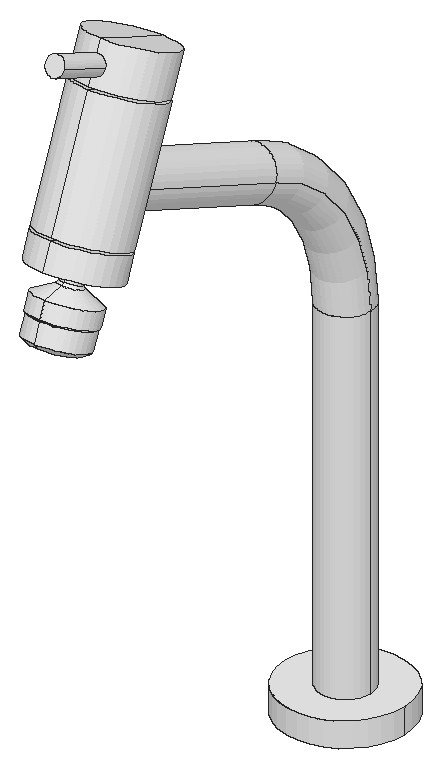
Revit family "Deca_Torneira_Link_1167.C.LNK", category Plumbing Fixtures, host Face, Revit 2012
Parameters (values of type "1167.C.LNK")
  Vendido Separadamente = "Ligação flexível (4607.C.030 / 4607.C.040 / 4607.C.050) e Válvula de escoamento"  # constant formula
  URL = "www.deca.com.br"
  Torneira = Deca CR10 Cromado Metal
  Segmento = "Médio"  # constant formula
  Raio Água Fria = 7.5 mm  # constant formula
  Produto = "Torneira de cozinha mesa linha Link"  # constant formula
  Pressão = "2 a 40 mca"  # constant formula
  Peso Liquido (Kg) = 1.143
  Norma = "NBR 15748"  # constant formula
  Model = Código  # "1167.C.LNK"
  Material = "Latão Cromado e Plásticos de Engenharia"  # constant formula
  Manufacturer = Fabricante  # "Deca"
  Louça/Metais = "Metais"  # constant formula
  Linha = "Link"  # constant formula
  Informações Complementares = "Bica Alta / Pode ser utilizado com arejadores de vazão constante 6 L/min (código 4224.000)"  # constant formula
  HWFU = 0
  Flow Pressure = 0.00 psi
  Fabricante = "Deca"  # constant formula
  Diâmetro Água Fria = Raio Água Fria * 2  # 15 mm
  Descrição = "Torneira de cozinha"  # constant formula
  Description = Descrição  # "Torneira de cozinha"
  Default Elevation = 0 mm
  Código = "1167.C.LNK"  # constant formula
  Criador por = "Contino/quattroD"  # constant formula
  CWFU = 0
  Atendimento ao Cliente = "0800-011-7073"  # constant formula
  Assembly Code = ""
  Aprovado por = "Contino/quattroD"  # constant formula
  Acompanha o Produto = "Não Aplicável"  # constant formula
Reference planes
  plane 1 "Center (Front/Back)": y = 0
  plane 2: z = 0
  plane 3 "Center (Left/Right)": x = 0
  plane 4 "Right 1": x = -25
  plane 5 "Left 1": x = 25
  plane 6 "Front 2": y = -152
  plane 7 "Top 2": z = 312
  plane 8 "Top 1": z = 203
  plane 9 "Back 1": y = 25
  plane 10 "Front 1": y = -25
Forms (mm)
  Extrusion 1, solid, material "Deca CR10 Cromado Metal" <- "Torneira"
    sketch origin (0, 0, -900) x (1, 0, 0) y (0, 1, 0)
      loop
        circle (0, 0) r 25
    from 900 to 910.337
  Sweep 2, solid, material "Deca CR10 Cromado Metal" <- "Torneira"
    path origin (0, 0, -900) x (0, 1, 0) y (0, 0, 1)
      loop
        line (0.002, 910.337) -> (0.002, 1053.744)
        arc (0.002, 1053.744) -> (-13.705, 1096.754) -> (-49.771, 1123.902) r 74.332
        line (-49.771, 1123.902) -> (-117.118, 1150.823)
    profile origin (0, 0.002, 82.041) x (0, -1, 0) y (1, 0, 0)
      loop
        circle (0, 0) r 10.596
  Revolve 3, solid, material "Deca CR10 Cromado Metal" <- "Torneira"
    sketch origin (0, 11.522, -906.875) x (0, 1, 0) y (0, 0, 1)
      loop
        line (-123.283, 1208.967) -> (-163.401, 1109.672) -> (-154.457, 1106.058) -> (-151.329, 1106.666) -> (-148.458, 1113.773) -> (-149.219, 1114.081) -> (-148.92, 1114.821) -> (-147.587, 1114.283) -> (-145.087, 1120.472) -> (-150.812, 1127.799)
        arc (-150.812, 1127.799) -> (-151.124, 1128.533) -> (-151.031, 1129.324) r 1.549
        line (-151.031, 1129.324) -> (-150.378, 1130.942)
        arc (-150.378, 1130.942) -> (-149.988, 1131.502) -> (-149.393, 1131.839) r 1.538
        line (-149.393, 1131.839) -> (-148.224, 1132.299) -> (-137.11, 1127.809) -> (-133.112, 1137.706) -> (-138.632, 1139.936) -> (-138.244, 1140.895) -> (-132.724, 1138.665) -> (-113.549, 1186.126) -> (-125.566, 1190.981) -> (-125.208, 1191.876) -> (-113.254, 1187.099) -> (-107.099, 1202.499) -> (-123.283, 1208.967)
      axis (-123.258, 1209.028) -> (-163.401, 1109.672)
    angle from 0 to 360
  Extrusion 4, solid, material "Deca CR10 Cromado Metal" <- "Torneira"
    sketch origin (0, -551.318, -679.847) x (0, 0.374604, 0.927185) y (-1, 0, 0)
      loop
        circle (1066.227, 0) r 4.05
    from -23.899 to 0
Lines and regions (mm)
  Masking region 1
    outline origin (0, 0, 0) x (0, 1, 0) y (0, 0, 1)
      loop
        line (-151.047, 313.308) -> (-154.081, 305.798) -> (-132.644, 297.137) -> (-134.162, 293.338) -> (-122.214, 288.564) -> (-122.562, 287.702) -> (-134.569, 292.553) -> (-153.745, 245.092) -> (-148.406, 242.935) -> (-148.794, 241.976) -> (-154.132, 244.133) -> (-158.131, 234.236) -> (-147.103, 229.781) -> (-146.6, 228.676)
        arc (-146.6, 228.676) -> (-146.441, 228.052) -> (-146.511, 227.411) r 1.809
        line (-146.511, 227.411) -> (-147.187, 225.737)
        arc (-147.187, 225.737) -> (-147.631, 225.127) -> (-148.31, 224.796) r 1.561
        line (-148.31, 224.796) -> (-157.598, 223.49) -> (-160.112, 217.277) -> (-158.774, 216.737) -> (-159.066, 216.013) -> (-159.833, 216.323) -> (-162.727, 209.16) -> (-160.944, 206.613) -> (-143.056, 199.387) -> (-139.855, 200.009) -> (-136.992, 207.095) -> (-137.753, 207.402) -> (-137.461, 208.126) -> (-136.129, 207.588) -> (-133.631, 213.779) -> (-139.419, 221.188)
        arc (-139.419, 221.188) -> (-139.677, 221.897) -> (-139.572, 222.645) r 1.561
        line (-139.572, 222.645) -> (-138.896, 224.319)
        arc (-138.896, 224.319) -> (-138.501, 224.828) -> (-137.953, 225.167) r 1.809
        line (-137.953, 225.167) -> (-136.804, 225.62) -> (-125.71, 221.137) -> (-121.711, 231.034) -> (-127.231, 233.264) -> (-126.844, 234.223) -> (-121.324, 231.993) -> (-117.594, 241.225) -> (-53.357, 215.554)
        arc (-53.357, 215.554) -> (-23.029, 191.635) -> (-10.594, 155.066) r 68.083
        line (-10.594, 155.066) -> (-10.594, 10.337) -> (-25, 10.337) -> (-25, 0) -> (25, 0) -> (25, 10.337) -> (10.598, 10.337) -> (10.598, 153.244)
        arc (10.598, 153.244) -> (-4.534, 202.573) -> (-44.725, 234.93) r 87.967
        line (-44.725, 234.93) -> (-109.596, 260.854) -> (-102.09, 279.431) -> (-114.11, 284.287) -> (-113.749, 285.181) -> (-101.795, 280.404) -> (-95.64, 295.804) -> (-128.008, 308.739) -> (-129.638, 304.659) -> (-151.047, 313.308)
  Masking region 2
    outline origin (0, 0, 0) x (1, 0, 0) y (0, 0, 1)
      loop
        spline (17.428, 302.153) -> (17.32, 302.878) -> (16.997, 303.595) -> (16.464, 304.294) -> (15.727, 304.966) -> (14.796, 305.603) -> (13.681, 306.197) -> (12.396, 306.742) -> (10.958, 307.23) -> (9.384, 307.654) -> (7.694, 308.011) -> (5.909, 308.295) -> (4.05, 308.503)
        line (4.05, 308.503) -> (4.05, 309.482)
        spline (4.05, 309.482) -> (3.912, 310.454) -> (3.507, 311.359) -> (2.864, 312.137) -> (2.025, 312.734) -> (1.048, 313.109) -> (0, 313.237) -> (-1.048, 313.109) -> (-2.025, 312.734) -> (-2.864, 312.137) -> (-3.507, 311.359) -> (-3.912, 310.454) -> (-4.05, 309.482)
        line (-4.05, 309.482) -> (-4.05, 308.51)
        spline (-4.05, 308.51) -> (-5.917, 308.304) -> (-7.712, 308.022) -> (-9.411, 307.666) -> (-10.994, 307.242) -> (-12.441, 306.754) -> (-13.734, 306.209) -> (-14.856, 305.614) -> (-15.794, 304.975) -> (-16.536, 304.301) -> (-17.073, 303.6) -> (-17.397, 302.881) -> (-17.506, 302.153)
        line (-17.506, 302.153) -> (-17.506, 227.068)
        spline (-17.506, 227.068) -> (-17.327, 226.559) -> (-17.042, 226.058) -> (-16.655, 225.566) -> (-16.166, 225.088) -> (-15.58, 224.625) -> (-14.899, 224.18) -> (-14.128, 223.757) -> (-13.272, 223.357) -> (-12.335, 222.983) -> (-11.323, 222.638) -> (-10.243, 222.324) -> (-9.101, 222.041)
        spline (-9.101, 222.041) -> (-9.686, 221.81) -> (-10.229, 221.564) -> (-10.728, 221.305) -> (-11.18, 221.035) -> (-11.584, 220.754) -> (-11.938, 220.464) -> (-12.239, 220.165) -> (-12.488, 219.86) -> (-12.683, 219.55) -> (-12.822, 219.235) -> (-12.906, 218.917) -> (-12.934, 218.599)
        line (-12.934, 218.599) -> (-12.934, 212.253)
        spline (-12.934, 212.253) -> (-12.93, 212.128) -> (-12.917, 212.003) -> (-12.896, 211.878) -> (-12.865, 211.754) -> (-12.827, 211.629) -> (-12.779, 211.506) -> (-12.724, 211.382) -> (-12.659, 211.259) -> (-12.587, 211.137) -> (-12.506, 211.016) -> (-12.416, 210.895) -> (-12.318, 210.776)
        line (-12.318, 210.776) -> (-12.318, 204.342)
        spline (-12.318, 204.342) -> (-12.306, 204.137) -> (-12.269, 203.932) -> (-12.208, 203.727) -> (-12.123, 203.524) -> (-12.014, 203.323) -> (-11.881, 203.123) -> (-11.724, 202.926) -> (-11.544, 202.732) -> (-11.341, 202.541) -> (-11.115, 202.353) -> (-10.867, 202.17) -> (-10.598, 201.99)
        line (-10.598, 201.99) -> (-10.598, 10.337) -> (-25, 10.337) -> (-25, 0) -> (25, 0) -> (25, 10.337) -> (10.598, 10.337) -> (10.598, 201.99)
        spline (10.598, 201.99) -> (10.867, 202.17) -> (11.115, 202.353) -> (11.341, 202.541) -> (11.544, 202.732) -> (11.724, 202.926) -> (11.881, 203.123) -> (12.014, 203.323) -> (12.123, 203.524) -> (12.208, 203.727) -> (12.269, 203.932) -> (12.306, 204.137) -> (12.318, 204.342)
        line (12.318, 204.342) -> (12.318, 210.776)
        spline (12.318, 210.776) -> (12.416, 210.895) -> (12.506, 211.016) -> (12.587, 211.137) -> (12.659, 211.259) -> (12.724, 211.382) -> (12.779, 211.506) -> (12.827, 211.629) -> (12.865, 211.754) -> (12.896, 211.878) -> (12.917, 212.003) -> (12.93, 212.128) -> (12.934, 212.253)
        line (12.934, 212.253) -> (12.934, 218.599)
        spline (12.934, 218.599) -> (12.906, 218.917) -> (12.822, 219.235) -> (12.683, 219.55) -> (12.488, 219.86) -> (12.239, 220.165) -> (11.938, 220.464) -> (11.584, 220.754) -> (11.18, 221.035) -> (10.728, 221.305) -> (10.229, 221.564) -> (9.686, 221.81) -> (9.101, 222.041)
        spline (9.101, 222.041) -> (10.243, 222.324) -> (11.323, 222.638) -> (12.335, 222.983) -> (13.272, 223.357) -> (14.128, 223.757) -> (14.899, 224.18) -> (15.58, 224.625) -> (16.166, 225.088) -> (16.655, 225.566) -> (17.042, 226.058) -> (17.327, 226.559) -> (17.506, 227.068)
        line (17.506, 227.068) -> (17.506, 302.153)
  Masking region 3
    outline origin (0, 0, 0) x (1, 0, 0) y (0, 1, 0)
      loop
        arc (10.587, -22.648) -> (0, 25) -> (-10.587, -22.648) r 25
        line (-10.587, -22.648) -> (-10.587, -98.9)
        spline (-10.587, -98.9) -> (-11.614, -99.688) -> (-12.573, -100.546) -> (-13.458, -101.47) -> (-14.265, -102.453) -> (-14.989, -103.491) -> (-15.624, -104.577) -> (-16.169, -105.705) -> (-16.618, -106.869) -> (-16.971, -108.06) -> (-17.224, -109.274) -> (-17.377, -110.501) -> (-17.428, -111.736)
        line (-17.428, -111.736) -> (-17.428, -144.039)
        spline (-17.428, -144.039) -> (-17.267, -144.96) -> (-17.049, -145.871) -> (-16.775, -146.77) -> (-16.446, -147.652) -> (-16.064, -148.515) -> (-15.628, -149.357) -> (-15.142, -150.174) -> (-14.606, -150.964) -> (-14.021, -151.724) -> (-13.391, -152.452) -> (-12.717, -153.146) -> (-12.002, -153.802)
        spline (-12.002, -153.802) -> (-11.616, -155.029) -> (-11.086, -156.209) -> (-10.416, -157.326) -> (-9.616, -158.367) -> (-8.696, -159.318) -> (-7.667, -160.168) -> (-6.541, -160.907) -> (-5.334, -161.524) -> (-4.06, -162.012) -> (-2.735, -162.365) -> (-1.376, -162.578) -> (0, -162.65)
        spline (0, -162.65) -> (1.376, -162.578) -> (2.735, -162.365) -> (4.06, -162.012) -> (5.334, -161.524) -> (6.541, -160.907) -> (7.667, -160.168) -> (8.696, -159.318) -> (9.616, -158.367) -> (10.416, -157.326) -> (11.086, -156.209) -> (11.616, -155.029) -> (12.002, -153.802)
        spline (12.002, -153.802) -> (12.717, -153.146) -> (13.391, -152.452) -> (14.021, -151.724) -> (14.606, -150.964) -> (15.142, -150.174) -> (15.628, -149.357) -> (16.064, -148.515) -> (16.446, -147.652) -> (16.775, -146.77) -> (17.049, -145.871) -> (17.267, -144.96) -> (17.428, -144.039)
        line (17.428, -144.039) -> (17.428, -111.736)
        spline (17.428, -111.736) -> (17.377, -110.501) -> (17.224, -109.274) -> (16.971, -108.06) -> (16.618, -106.869) -> (16.169, -105.705) -> (15.624, -104.577) -> (14.989, -103.491) -> (14.265, -102.453) -> (13.458, -101.47) -> (12.573, -100.546) -> (11.614, -99.688) -> (10.587, -98.9)
        line (10.587, -98.9) -> (10.587, -22.648)
  symbolic lines
    curve 1: line (-10.587, -22.648, 0) -> (-10.587, 0.449, 0)
    curve 2: line (10.587, -22.648, 0) -> (10.587, 0.449, 0)
    curve 3: arc (-10.587, 0.449, 0) -> (0, 11.036, 0) -> (10.587, 0.449, 0) r 10.587
    curve 4: spline (17.48, 0, 293.419) -> (17.496, 0, 293.36) -> (17.511, 0, 293.301) -> (17.524, 0, 293.243) -> (17.536, 0, 293.184) -> (17.547, 0, 293.125) -> (17.556, 0, 293.066) -> (17.564, 0, 293.007) -> (17.57, 0, 292.948) -> (17.575, 0, 292.889) -> (17.578, 0, 292.83) -> (17.581, 0, 292.771) -> (17.581, 0, 292.712)
    curve 5: line (-10.598, 0, 148.306) -> (10.596, 0, 148.306)
    curve 6: line (-10.596, 0, 10.337) -> (10.596, 0, 10.337)
    curve 7: line (0, 10.598, 10.337) -> (0, -10.594, 10.337)
    curve 8: line (0, -148.651, 224.748) -> (0, -139.225, 220.939)
    curve 9: line (0, -147.252, 225.578) -> (0, -139.631, 222.499)
    curve 10: line (0, -146.576, 227.251) -> (0, -138.955, 224.172)
    curve 11: line (0, -146.914, 226.415) -> (0, -139.293, 223.336)
    curve 12: arc (0, -109.596, 260.854) -> (0, -115.608, 251.8) -> (0, -117.572, 241.111) r 27.05
    curve 13: line (0, -10.598, 155.066) -> (0, 10.598, 155.066)
    curve 14: line (0, -53.379, 215.563) -> (0, -45.425, 235.21)
    curve 15: spline (0, 0, 293.328) -> (-2.16, 0, 293.278) -> (-4.288, 0, 293.128) -> (-6.349, 0, 292.881) -> (-8.314, 0, 292.541) -> (-10.151, 0, 292.112) -> (-11.833, 0, 291.601) -> (-13.333, 0, 291.017) -> (-14.629, 0, 290.367) -> (-15.701, 0, 289.663) -> (-16.533, 0, 288.914) -> (-17.112, 0, 288.133) -> (-17.428, 0, 287.331)
    curve 16: spline (0, 0, 292.423) -> (-2.103, 0, 292.376) -> (-4.175, 0, 292.235) -> (-6.188, 0, 292.002) -> (-8.112, 0, 291.68) -> (-9.919, 0, 291.275) -> (-11.584, 0, 290.792) -> (-13.082, 0, 290.237) -> (-14.393, 0, 289.619) -> (-15.497, 0, 288.947) -> (-16.379, 0, 288.231) -> (-17.026, 0, 287.48) -> (-17.428, 0, 286.705)
    curve 17: spline (0, 0, 244.962) -> (-2.103, 0, 244.915) -> (-4.175, 0, 244.774) -> (-6.188, 0, 244.541) -> (-8.112, 0, 244.219) -> (-9.919, 0, 243.814) -> (-11.584, 0, 243.33) -> (-13.082, 0, 242.776) -> (-14.393, 0, 242.158) -> (-15.497, 0, 241.486) -> (-16.379, 0, 240.769) -> (-17.026, 0, 240.018) -> (-17.428, 0, 239.244)
    curve 18: spline (0, 0, 244.003) -> (-2.103, 0, 243.956) -> (-4.175, 0, 243.815) -> (-6.188, 0, 243.582) -> (-8.111, 0, 243.26) -> (-9.919, 0, 242.855) -> (-11.584, 0, 242.372) -> (-13.082, 0, 241.817) -> (-14.393, 0, 241.199) -> (-15.497, 0, 240.527) -> (-16.379, 0, 239.811) -> (-17.026, 0, 239.06) -> (-17.428, 0, 238.285)
    curve 19: spline (-8.804, 0, 221.992) -> (-9.432, 0, 221.758) -> (-10.016, 0, 221.508) -> (-10.553, 0, 221.244) -> (-11.04, 0, 220.967) -> (-11.475, 0, 220.678) -> (-11.857, 0, 220.378) -> (-12.183, 0, 220.07) -> (-12.452, 0, 219.754) -> (-12.662, 0, 219.431) -> (-12.813, 0, 219.104) -> (-12.904, 0, 218.774) -> (-12.934, 0, 218.442)
    curve 20: spline (0, 0, 229.616) -> (-1.08, 0, 229.577) -> (-2.119, 0, 229.46) -> (-3.079, 0, 229.27) -> (-3.923, 0, 229.015) -> (-4.619, 0, 228.703) -> (-5.142, 0, 228.347) -> (-5.471, 0, 227.959) -> (-5.595, 0, 227.556) -> (-5.508, 0, 227.15) -> (-5.213, 0, 226.759) -> (-4.723, 0, 226.396) -> (-4.055, 0, 226.076)
    curve 21: spline (0, 0, 217.099) -> (-1.688, 0, 217.057) -> (-3.348, 0, 216.933) -> (-4.95, 0, 216.73) -> (-6.467, 0, 216.449) -> (-7.874, 0, 216.097) -> (-9.146, 0, 215.679) -> (-10.262, 0, 215.203) -> (-11.201, 0, 214.676) -> (-11.95, 0, 214.107) -> (-12.494, 0, 213.507) -> (-12.824, 0, 212.886) -> (-12.934, 0, 212.253)
    curve 22: spline (0, 0, 216.56) -> (-1.054, 0, 216.542) -> (-2.1, 0, 216.488) -> (-3.128, 0, 216.398) -> (-4.129, 0, 216.273) -> (-5.096, 0, 216.114) -> (-6.019, 0, 215.923) -> (-6.892, 0, 215.7) -> (-7.707, 0, 215.449) -> (-8.457, 0, 215.171) -> (-9.136, 0, 214.868) -> (-9.737, 0, 214.543) -> (-10.257, 0, 214.199)
    curve 23: spline (0, 0, 209.02) -> (-1.608, 0, 208.981) -> (-3.188, 0, 208.863) -> (-4.714, 0, 208.669) -> (-6.159, 0, 208.402) -> (-7.499, 0, 208.067) -> (-8.71, 0, 207.669) -> (-9.773, 0, 207.215) -> (-10.668, 0, 206.713) -> (-11.381, 0, 206.172) -> (-11.899, 0, 205.6) -> (-12.213, 0, 205.008) -> (-12.318, 0, 204.406)
    curve 24: line (-4.055, 0, 226.076) -> (-4.055, 0, 223.877)
    curve 25: line (-4.055, 0, 223.877) -> (-9.015, 0, 221.874)
    curve 26: arc (-10.257, 0, 214.199) -> (-11.764, 0, 212.775) -> (-12.317, 0, 210.777) r 3.859
    curve 27: spline (0, 0, 293.328) -> (2.16, 0, 293.278) -> (4.288, 0, 293.128) -> (6.349, 0, 292.881) -> (8.314, 0, 292.541) -> (10.151, 0, 292.112) -> (11.833, 0, 291.601) -> (13.333, 0, 291.017) -> (14.629, 0, 290.367) -> (15.701, 0, 289.663) -> (16.533, 0, 288.914) -> (17.112, 0, 288.133) -> (17.428, 0, 287.331)
    curve 28: spline (0, 0, 292.423) -> (2.103, 0, 292.376) -> (4.175, 0, 292.235) -> (6.188, 0, 292.002) -> (8.112, 0, 291.68) -> (9.919, 0, 291.275) -> (11.584, 0, 290.792) -> (13.082, 0, 290.237) -> (14.393, 0, 289.619) -> (15.497, 0, 288.947) -> (16.379, 0, 288.231) -> (17.026, 0, 287.48) -> (17.428, 0, 286.705)
    curve 29: spline (0, 0, 244.962) -> (2.103, 0, 244.915) -> (4.175, 0, 244.774) -> (6.188, 0, 244.541) -> (8.112, 0, 244.219) -> (9.919, 0, 243.814) -> (11.584, 0, 243.33) -> (13.082, 0, 242.776) -> (14.393, 0, 242.158) -> (15.497, 0, 241.486) -> (16.379, 0, 240.769) -> (17.026, 0, 240.018) -> (17.428, 0, 239.244)
    curve 30: spline (0, 0, 244.003) -> (2.103, 0, 243.956) -> (4.175, 0, 243.815) -> (6.188, 0, 243.582) -> (8.111, 0, 243.26) -> (9.919, 0, 242.855) -> (11.584, 0, 242.372) -> (13.082, 0, 241.817) -> (14.393, 0, 241.199) -> (15.497, 0, 240.527) -> (16.379, 0, 239.811) -> (17.026, 0, 239.06) -> (17.428, 0, 238.285)
    curve 31: spline (8.804, 0, 221.992) -> (9.432, 0, 221.758) -> (10.016, 0, 221.508) -> (10.553, 0, 221.244) -> (11.04, 0, 220.967) -> (11.475, 0, 220.678) -> (11.857, 0, 220.378) -> (12.183, 0, 220.07) -> (12.452, 0, 219.754) -> (12.662, 0, 219.431) -> (12.813, 0, 219.104) -> (12.904, 0, 218.774) -> (12.934, 0, 218.442)
    curve 32: spline (0, 0, 229.616) -> (1.08, 0, 229.577) -> (2.119, 0, 229.46) -> (3.079, 0, 229.27) -> (3.923, 0, 229.015) -> (4.619, 0, 228.703) -> (5.142, 0, 228.347) -> (5.471, 0, 227.959) -> (5.595, 0, 227.556) -> (5.508, 0, 227.15) -> (5.213, 0, 226.759) -> (4.723, 0, 226.396) -> (4.055, 0, 226.076)
    curve 33: spline (0, 0, 217.099) -> (1.688, 0, 217.057) -> (3.348, 0, 216.933) -> (4.95, 0, 216.73) -> (6.467, 0, 216.449) -> (7.874, 0, 216.097) -> (9.146, 0, 215.679) -> (10.262, 0, 215.203) -> (11.201, 0, 214.676) -> (11.95, 0, 214.107) -> (12.494, 0, 213.507) -> (12.824, 0, 212.886) -> (12.934, 0, 212.253)
    curve 34: spline (0, 0, 216.56) -> (1.054, 0, 216.542) -> (2.1, 0, 216.488) -> (3.128, 0, 216.398) -> (4.129, 0, 216.273) -> (5.096, 0, 216.114) -> (6.019, 0, 215.923) -> (6.892, 0, 215.7) -> (7.707, 0, 215.449) -> (8.457, 0, 215.171) -> (9.136, 0, 214.868) -> (9.737, 0, 214.543) -> (10.257, 0, 214.199)
    curve 35: spline (0, 0, 209.02) -> (1.608, 0, 208.981) -> (3.188, 0, 208.863) -> (4.714, 0, 208.669) -> (6.159, 0, 208.402) -> (7.499, 0, 208.067) -> (8.71, 0, 207.669) -> (9.773, 0, 207.215) -> (10.668, 0, 206.713) -> (11.381, 0, 206.172) -> (11.899, 0, 205.6) -> (12.213, 0, 205.008) -> (12.318, 0, 204.406)
    curve 36: line (4.055, 0, 226.076) -> (4.055, 0, 223.877)
    curve 37: line (4.055, 0, 223.877) -> (9.015, 0, 221.874)
    curve 38: arc (4.05, 0, 309.706) -> (0, 0, 305.656) -> (-4.05, 0, 309.706) r 4.05
    curve 39: line (4.05, 0, 308.503) -> (4.05, 0, 300.097)
    curve 40: arc (4.05, 0, 300.097) -> (0, 0, 296.979) -> (-4.05, 0, 300.097) r 4.189
    curve 41: line (-4.05, 0, 300.097) -> (-4.05, 0, 308.503)
    curve 42: arc (10.257, 0, 214.199) -> (11.764, 0, 212.775) -> (12.317, 0, 210.777) r 3.859
    curve 43: arc (-4.055, 0, 223.877) -> (0, 0, 224.666) -> (4.055, 0, 223.877) r 10.826
    curve 44: spline (17.428, -111.736, 0) -> (15.693, -118.764, 0) -> (10.835, -124.392, 0) -> (3.821, -127.502, 0) -> (-3.954, -127.474, 0) -> (-10.942, -124.313, 0) -> (-15.753, -118.649, 0) -> (-17.427, -111.609, 0) -> (-15.633, -104.595, 0) -> (-10.728, -99.001, 0) -> (-3.687, -95.943, 0) -> (4.088, -96.028, 0) -> (11.049, -99.24, 0)
    curve 45: spline (17.1, -114.542, 0) -> (17.487, -116.644, 0) -> (17.575, -118.774, 0) -> (17.362, -120.897, 0) -> (16.852, -122.976, 0) -> (16.053, -124.975, 0) -> (14.98, -126.861, 0) -> (13.651, -128.6, 0) -> (12.089, -130.164, 0) -> (10.319, -131.526, 0) -> (8.373, -132.662, 0) -> (6.284, -133.552, 0) -> (4.088, -134.182, 0)
    curve 46: spline (17.1, -114.542, 0) -> (17.431, -116.608, 0) -> (17.472, -118.696, 0) -> (17.224, -120.772, 0) -> (16.689, -122.801, 0) -> (15.878, -124.75, 0) -> (14.804, -126.586, 0) -> (13.484, -128.278, 0) -> (11.94, -129.799, 0) -> (10.199, -131.124, 0) -> (8.288, -132.23, 0) -> (6.239, -133.099, 0) -> (4.088, -133.717, 0)
    curve 47: spline (17.58, -137.692, 0) -> (17.028, -141.95, 0) -> (15.297, -145.927, 0) -> (12.507, -149.347, 0) -> (8.852, -151.975, 0) -> (4.585, -153.628, 0) -> (0, -154.192, 0) -> (-4.585, -153.628, 0) -> (-8.852, -151.975, 0) -> (-12.507, -149.347, 0) -> (-15.297, -145.927, 0) -> (-17.028, -141.95, 0) -> (-17.58, -137.692, 0)
    curve 48: spline (17.58, -137.692, 0) -> (17.438, -139.577, 0) -> (17.063, -141.434, 0) -> (16.457, -143.238, 0) -> (15.631, -144.965, 0) -> (14.595, -146.592, 0) -> (13.363, -148.097, 0) -> (11.951, -149.459, 0) -> (10.379, -150.661, 0) -> (8.668, -151.686, 0) -> (6.839, -152.521, 0) -> (4.92, -153.154, 0) -> (2.934, -153.576, 0)
    curve 49: spline (4.05, -152.53, 0) -> (3.912, -152.138, 0) -> (3.507, -151.772, 0) -> (2.864, -151.457, 0) -> (2.025, -151.216, 0) -> (1.048, -151.065, 0) -> (0, -151.013, 0) -> (-1.048, -151.065, 0) -> (-2.025, -151.216, 0) -> (-2.864, -151.457, 0) -> (-3.507, -151.772, 0) -> (-3.912, -152.138, 0) -> (-4.05, -152.53, 0)
    curve 50: spline (-4.05, -152.53, 0) -> (-3.912, -152.923, 0) -> (-3.507, -153.289, 0) -> (-2.864, -153.603, 0) -> (-2.025, -153.844, 0) -> (-1.048, -153.996, 0) -> (0, -154.047, 0) -> (1.048, -153.996, 0) -> (2.025, -153.844, 0) -> (2.864, -153.603, 0) -> (3.507, -153.289, 0) -> (3.912, -152.923, 0) -> (4.05, -152.53, 0)
    curve 51: line (-4.05, -152.53, 0) -> (-4.05, -130.599, 0)
    curve 52: line (4.088, -130.599, 0) -> (4.088, -152.53, 0)
    curve 53: arc (-12, -153.8, 0) -> (0.015, -158.235, 0) -> (12.031, -153.8, 0) r 18.495
    curve 54: spline (17.1, -114.542, 0) -> (17.429, -116.59, 0) -> (17.474, -118.661, 0) -> (17.234, -120.72, 0) -> (16.712, -122.733, 0) -> (15.918, -124.669, 0) -> (14.865, -126.495, 0) -> (13.569, -128.182, 0) -> (12.052, -129.702, 0) -> (10.339, -131.03, 0) -> (8.456, -132.145, 0) -> (6.436, -133.028, 0) -> (4.311, -133.666, 0)
    curve 55: spline (17.1, -114.542, 0) -> (17.487, -116.644, 0) -> (17.575, -118.774, 0) -> (17.362, -120.897, 0) -> (16.852, -122.976, 0) -> (16.053, -124.975, 0) -> (14.98, -126.861, 0) -> (13.651, -128.6, 0) -> (12.089, -130.164, 0) -> (10.319, -131.526, 0) -> (8.373, -132.662, 0) -> (6.284, -133.552, 0) -> (4.088, -134.182, 0)
    curve 56: spline (-4.05, -133.725, 0) -> (-5.917, -133.21, 0) -> (-7.71, -132.505, 0) -> (-9.408, -131.62, 0) -> (-10.99, -130.565, 0) -> (-12.435, -129.354, 0) -> (-13.725, -128.001, 0) -> (-14.846, -126.524, 0) -> (-15.782, -124.94, 0) -> (-16.523, -123.27, 0) -> (-17.058, -121.533, 0) -> (-17.382, -119.752, 0) -> (-17.491, -117.949, 0)
    curve 57: spline (-4.05, -134.191, 0) -> (-5.929, -133.674, 0) -> (-7.734, -132.967, 0) -> (-9.443, -132.078, 0) -> (-11.035, -131.018, 0) -> (-12.49, -129.8, 0) -> (-13.79, -128.44, 0) -> (-14.918, -126.954, 0) -> (-15.861, -125.361, 0) -> (-16.606, -123.681, 0) -> (-17.146, -121.934, 0) -> (-17.472, -120.142, 0) -> (-17.581, -118.328, 0)
    curve 58: arc (10.598, -35.285, 0) -> (0.002, -33.036, 0) -> (-10.598, -35.269, 0) r 26.183
    curve 59: line (0, -148.406, 242.935) -> (0, -126.844, 234.223)
    curve 60: line (0, -127.231, 233.264) -> (0, -148.794, 241.976)
    curve 61: line (0, -147.103, 229.781) -> (0, -136.804, 225.62)
    curve 62: line (0, -158.774, 216.737) -> (0, -137.461, 208.126)
    curve 63: line (0, -137.753, 207.402) -> (0, -159.066, 216.013)
    curve 64: line (0, -162.727, 209.16) -> (0, -139.855, 200.009)
    curve 65: line (0, -157.598, 223.49) -> (0, -133.631, 213.779)
    curve 66: arc (0, -129.638, 304.659) -> (0, -130.756, 300.744) -> (0, -132.644, 297.137) r 19.982
    curve 67: line (0, -122.562, 287.702) -> (0, -114.099, 284.283)
    curve 68: line (0, -122.214, 288.564) -> (0, -113.751, 285.144)
    curve 69: arc (-16.721, 0, 229.563) -> (-17.276, 0, 228.695) -> (-17.515, 0, 227.692) r 3.092
    curve 70: arc (-16.721, 0, 229.563) -> (-13.949, 0, 231.526) -> (-10.792, 0, 232.777) r 14.251
    curve 71: arc (-10.792, 0, 232.777) -> (-0.387, 0, 234.172) -> (10.04, 0, 232.954) r 42.195
    curve 72: arc (16.721, 0, 229.563) -> (17.276, 0, 228.695) -> (17.515, 0, 227.692) r 3.092
    curve 73: arc (16.721, 0, 229.563) -> (13.607, 0, 231.705) -> (10.04, 0, 232.954) r 14.251
    curve 74: arc (-10.598, 0, 201.982) -> (-8.504, 0, 200.962) -> (-6.265, 0, 200.319) r 13.402
    curve 75: arc (-6.265, 0, 200.319) -> (0.02, 0, 199.654) -> (6.306, 0, 200.319) r 30.041
    curve 76: arc (10.598, 0, 201.982) -> (8.504, 0, 200.962) -> (6.265, 0, 200.319) r 13.402
    curve 77: arc (-4.055, 0, 225.917) -> (-3.839, 0, 226.275) -> (-3.502, 0, 226.521) r 1.061
    curve 78: arc (-3.502, 0, 226.521) -> (0.003, 0, 227.29) -> (3.508, 0, 226.521) r 8.368
    curve 79: arc (4.055, 0, 225.917) -> (3.839, 0, 226.275) -> (3.502, 0, 226.521) r 1.061
    curve 80: line (0, 0, 208.02) -> (-11.318, 0, 204.406)
    curve 81: line (0, 0, 208.02) -> (11.318, 0, 204.406)
    curve 82: arc (-10.636, 0, 202.473) -> (-9.006, 0, 201.37) -> (-7.181, 0, 200.636) r 9.288
    curve 83: arc (-7.181, 0, 200.636) -> (0, 0, 199.68) -> (7.181, 0, 200.636) r 27.442
    curve 84: arc (-11.318, 0, 204.406) -> (-11.24, 0, 203.347) -> (-10.636, 0, 202.473) r 2.026
    curve 85: arc (10.636, 0, 202.473) -> (9.006, 0, 201.37) -> (7.181, 0, 200.636) r 9.288
    curve 86: arc (11.318, 0, 204.406) -> (11.24, 0, 203.347) -> (10.636, 0, 202.473) r 2.026
    curve 87: arc (-4.211, 0, 227.64) -> (-0.088, 0, 228.641) -> (4.054, 0, 227.721) r 9.368
    curve 88: arc (4.402, 0, 226.226) -> (4.619, 0, 227.065) -> (4.054, 0, 227.721) r 0.934
    curve 89: arc (-4.402, 0, 226.226) -> (-4.635, 0, 226.978) -> (-4.211, 0, 227.64) r 0.934
    curve 90: arc (-2.921, 0, 225.176) -> (0.007, 0, 225.829) -> (2.934, 0, 225.172) r 6.868
    curve 91: arc (4.055, 0, 224.23) -> (3.604, 0, 224.831) -> (2.934, 0, 225.172) r 1.663
    curve 92: arc (-4.055, 0, 224.23) -> (-3.599, 0, 224.836) -> (-2.921, 0, 225.176) r 1.663
    curve 93: arc (-4.05, -130.599, 0) -> (-3.858, -130.135, 0) -> (-3.395, -129.944, 0) r 0.655
    curve 94: arc (-3.395, -129.944, 0) -> (0.039, -129.559, 0) -> (3.473, -129.944, 0) r 15.512
    curve 95: arc (4.05, -130.599, 0) -> (3.858, -130.135, 0) -> (3.395, -129.944, 0) r 0.655
    curve 96: spline (-2.934, -153.576, 0) -> (-4.936, -153.149, 0) -> (-6.871, -152.508, 0) -> (-8.712, -151.663, 0) -> (-10.434, -150.624, 0) -> (-12.013, -149.406, 0) -> (-13.429, -148.025, 0) -> (-14.661, -146.5, 0) -> (-15.693, -144.853, 0) -> (-16.511, -143.105, 0) -> (-17.103, -141.281, 0) -> (-17.461, -139.405, 0) -> (-17.581, -137.504, 0)
Dimensions and locks
  plane 6 "Front 2" to plane 1 "Center (Front/Back)" = 152 mm  (x2)
  plane 4 "Right 1" to plane 5 "Left 1" = 50 mm  (x2)
  plane 7 "Top 2" to host face = 312 mm
  plane 6 "Front 2" to plane 9 "Back 1" = 177 mm
  host face to plane 7 "Top 2" = 312 mm
  plane 8 "Top 1" to level = 203 mm
  plane 10 "Front 1" to plane 9 "Back 1" = 50 mm
  aligned and locked: plane 2 to host face
  aligned and locked: level to host face
Connectors
  piping at (0, 0, 10.337), driven by "Flow Pressure", driven by "CWFU", driven by "Raio Água Fria"
    settings: on Extrusion 1, index 1, connector radius 0.29528", flow factor 0, pipe flow 0 GPM, pressure drop 0.00 psi, fitting loss kfactor 0, connector angle 0.00°, fixture units 0, engagement length 0 mm, flow configuration 3, flow direction 1, fitting loss method 4, system type 20, joint type 0, gender type 0, connector reference index -1, connector utility 0, adjustable connector no, is connector primary yes, fitting loss table "", connector description ""
